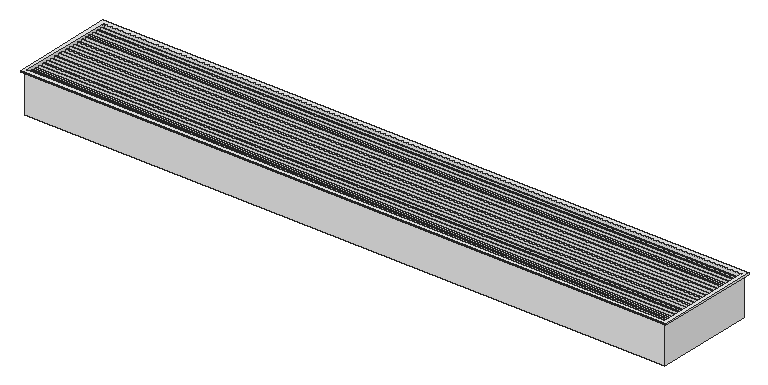
Revit family "DC_Holyoake_MEQ_LD-1200SD-PMF_13", category Air Terminals, host Face, Revit 2014
Parameters (values of type "LD-1200SD-PMF")
  Width LD [instance] = 150.0 mm
  URL = "http://www.holyoake.com"
  Type Comments = "Fineline Diffuser Series LD linear bar grilles"  # constant formula
  Static Pressure Min = 3.00 Pa
  Static Pressure Max = 57.00 Pa
  Noise Level NC Min = "<10 NC"
  Noise Level NC Max = "38 NC"
  Model = "LD-1200SD-PMF"  # constant formula
  Min Flow = 30 L/s  # constant formula
  Max Flow = 3000 L/s  # constant formula
  Material Face = Holyoake-Aluminium
  Material Body = Holyoake-Aluminium
  Manufacturer = "Holyoake"  # constant formula
  Length LD [instance] = 1000.0 mm
  Holyoake Product Range = "Holyoake Fineline Diffusers"  # constant formula
  Flow = 0 L/s
  Description = "Flangeless Linear Bar Diffuser with Vertical Rear Deflector Blades shall be Holyoake Model LD-1200SD-PMF with Horizontal Front Linear Bars of 3.25mm at 12.5mm centres set at 0 Degree deflection. \r\nRear vertical deflection blades shall be individually adjustable airfoil type. Flangeless Linear Bar Diffusers shall be of extruded aluminium construction to the sizes as documented and supplied with the Integral Plaster Mounting Frame (PMF) System. Linear Supply Air Diffusers shall be finished in powdercoat and fitted with accessories and dampers where indicated as manufactured by Holyoake."  # constant formula
  Default Elevation = 0.0 mm
  Array Number [instance] = ((Width LD - 25.4 mm) / 6.4 mm) - 0.9  # 19
Reference planes
  plane 1 "Center (Front/Back)": y = 0
  plane 2: z = 0
  plane 3 "Center (Left/Right)": x = 0
  plane 4: x = -500
  plane 5: x = 500
  plane 6: y = 75
  plane 7: y = -75
Forms (mm)
  Sweep 1, solid, material "Holyoake-Aluminium" <- "Material Body", detail levels fine
    path origin (0, 0, 0) x (1, 0, 0) y (0, 1, 0)
      loop
        line (-500, 75) -> (-500, -75) -> (500, -75) -> (500, 75) -> (-500, 75)
    profile origin (0, 75, 0) x (0, 1, 0) y (0, 0, 1)
      loop
        line (2, 0) -> (6, 0) -> (6, 2) -> (0, 2) -> (0, -60) -> (2, -60) -> (2, 0)
  Extrusion 2, void
    sketch origin (0, 0, 0) x (1, 0, 0) y (0, 1, 0)
      loop
        line (-500, 75) -> (-500, -75) -> (500, -75) -> (500, 75) -> (-500, 75)
    from 0 to -1000
Cuts and joins
  Extrusion 2 cuts Sweep 1
Lines and regions (mm)
  reference lines
    curve 1: line (-590.798, 68.65, 0) -> (-485.798, 68.65, 0)
    curve 2: line (-590.798, -68.65, 0) -> (-490.798, -68.65, 0)
  symbolic lines, style "Holyoake - Linear Diffusers", detail levels coarse+medium
    curve 3: line (-506, 81, 0) -> (506, 81, 0)
    curve 4: line (-506, -81, 0) -> (-506, 81, 0)
    curve 5: line (506, -81, 0) -> (-506, -81, 0)
    curve 6: line (506, 81, 0) -> (506, -81, 0)
    curve 7: line (-500, -75, 0) -> (500, -75, 0)
    curve 8: line (-500, 75, 0) -> (-500, -75, 0)
    curve 9: line (500, 75, 0) -> (-500, 75, 0)
    curve 10: line (500, -75, 0) -> (500, 75, 0)
    curve 11: line (-502, 0, -50) -> (502, 0, -50)
    curve 12: line (-502, 0, 2) -> (-502, 0, -50)
    curve 13: line (502, 0, 2) -> (-502, 0, 2)
    curve 14: line (502, 0, -50) -> (502, 0, 2)
    curve 15: line (0, 77, -60) -> (0, -77, -60)
    curve 16: line (0, 77, 2) -> (0, 77, -60)
    curve 17: line (0, -77, 2) -> (0, 77, 2)
    curve 18: line (0, -77, -60) -> (0, -77, 2)
Dimensions and locks
  equal spacing: plane 6, plane 1 "Center (Front/Back)", plane 7
  "Width LD": plane 6 to plane 7
  "Length LD": plane 4 to plane 5
  equal spacing: plane 4, plane 3 "Center (Left/Right)", plane 5
  locked: plane 6 to curve 1 at 6.35
  locked: curve 2 to plane 7 at 6.35
  equal spacing: group 1, group 3, group 4, group 5, group 6, group 7, group 8, group 9, group 10, group 11, group 12, group 13, group 14, group 15, group 16, group 17, group 18, group 19, group 2  (x2)
  equal spacing: group 2, group 19, group 18, group 17, group 16, group 15, group 14, group 13, group 12, group 11, group 10, group 9, group 8, group 7, group 6, group 5, group 4, group 3, group 1
  aligned and locked: plane 2 to host face
  aligned and locked: level to host face
  aligned and locked: plane 4 to Sweep 1 sketch curve
  aligned and locked: Sweep 1 sketch curve to plane 6
  aligned and locked: plane 7 to Sweep 1 sketch curve
  aligned and locked: Sweep 1 sketch curve to plane 5
  aligned and locked: plane 4 to nested 1
  aligned and locked: plane 4 to Sweep 1
  aligned and locked: nested 1 to curve 1
  aligned and locked: Sweep 1 to level
  aligned and locked: curve 2 to nested 2
  aligned and locked: plane 4 to nested 2
  aligned and locked: Extrusion 2 sketch curve to Sweep 1  (x3)
  aligned and locked: Sweep 1 to Extrusion 2 sketch curve
  aligned and locked: cut or joined group of Sweep 1, Extrusion 2 to curve 3
  aligned and locked: curve 3 to cut or joined group of Sweep 1, Extrusion 2
  aligned and locked: curve 6 to cut or joined group of Sweep 1, Extrusion 2  (x2)
  aligned and locked: cut or joined group of Sweep 1, Extrusion 2 to curve 7
  aligned and locked: curve 7 to cut or joined group of Sweep 1, Extrusion 2
  aligned and locked: curve 10 to cut or joined group of Sweep 1, Extrusion 2  (x2)
  aligned and locked: cut or joined group of Sweep 1, Extrusion 2 to curve 11
  aligned and locked: cut or joined group of Sweep 1, Extrusion 2 to curve 14
  aligned and locked: cut or joined group of Sweep 1, Extrusion 2 to curve 13
  aligned and locked: cut or joined group of Sweep 1, Extrusion 2 to curve 15
  aligned and locked: curve 15 to cut or joined group of Sweep 1, Extrusion 2
  aligned and locked: curve 18 to cut or joined group of Sweep 1, Extrusion 2
  aligned and locked: curve 17 to cut or joined group of Sweep 1, Extrusion 2
Automatic sketch dimensions
  Sweep 1 sketch curve to level = 0.0 mm
  Sweep 1 sketch curve to profile plane = 0.0 mm
  Sweep 1 sketch curve to Sweep 1 sketch curve = 2.0 mm
  Sweep 1 sketch curve to Sweep 1 sketch curve = 4.0 mm
  Sweep 1 sketch curve to Sweep 1 sketch curve = 60.0 mm
  level to Sweep 1 sketch curve = 2.0 mm
  host sketch curve to host sketch curve = 1493.181 mm
  host sketch curve to host sketch curve = 944.012 mm
  curve 2 to plane 4 = 90.798 mm
  curve 1 to curve 2 = 0.0 mm
  plane 4 to curve 2 = 9.202 mm
  plane 4 to curve 1 = 14.202 mm
  curve 11 to level = 50.0 mm
Nested families
  nested 1: "LD Blade" at (-500, 67.15, 0), Blade Length <- "Length LD", type "LD Blade", detail levels fine
    with Blade Length 1000.0 mm
  nested 2: "LD Blade" at (-500, -68.65, 0), Blade Length <- "Length LD", type "LD Blade", detail levels fine
    with Blade Length 1000.0 mm
  nested 3: "LD Blade" at (-500, 59.606, 0), Blade Length <- "Length LD", type "LD Blade", detail levels fine
    with Blade Length 1000.0 mm
  nested 4: "LD Blade" at (-500, 52.061, 0), Blade Length <- "Length LD", type "LD Blade", detail levels fine
    with Blade Length 1000.0 mm
  nested 5: "LD Blade" at (-500, 44.517, 0), Blade Length <- "Length LD", type "LD Blade", detail levels fine
    with Blade Length 1000.0 mm
  nested 6: "LD Blade" at (-500, 36.972, 0), Blade Length <- "Length LD", type "LD Blade", detail levels fine
    with Blade Length 1000.0 mm
  nested 7: "LD Blade" at (-500, 29.428, 0), Blade Length <- "Length LD", type "LD Blade", detail levels fine
    with Blade Length 1000.0 mm
  nested 8: "LD Blade" at (-500, 21.883, 0), Blade Length <- "Length LD", type "LD Blade", detail levels fine
    with Blade Length 1000.0 mm
  nested 9: "LD Blade" at (-500, 14.339, 0), Blade Length <- "Length LD", type "LD Blade", detail levels fine
    with Blade Length 1000.0 mm
  nested 10: "LD Blade" at (-500, 6.794, 0), Blade Length <- "Length LD", type "LD Blade", detail levels fine
    with Blade Length 1000.0 mm
  nested 11: "LD Blade" at (-500, -0.75, 0), Blade Length <- "Length LD", type "LD Blade", detail levels fine
    with Blade Length 1000.0 mm
  nested 12: "LD Blade" at (-500, -8.294, 0), Blade Length <- "Length LD", type "LD Blade", detail levels fine
    with Blade Length 1000.0 mm
  nested 13: "LD Blade" at (-500, -15.839, 0), Blade Length <- "Length LD", type "LD Blade", detail levels fine
    with Blade Length 1000.0 mm
  nested 14: "LD Blade" at (-500, -23.383, 0), Blade Length <- "Length LD", type "LD Blade", detail levels fine
    with Blade Length 1000.0 mm
  nested 15: "LD Blade" at (-500, -30.928, 0), Blade Length <- "Length LD", type "LD Blade", detail levels fine
    with Blade Length 1000.0 mm
  nested 16: "LD Blade" at (-500, -38.472, 0), Blade Length <- "Length LD", type "LD Blade", detail levels fine
    with Blade Length 1000.0 mm
  nested 17: "LD Blade" at (-500, -46.017, 0), Blade Length <- "Length LD", type "LD Blade", detail levels fine
    with Blade Length 1000.0 mm
  nested 18: "LD Blade" at (-500, -53.561, 0), Blade Length <- "Length LD", type "LD Blade", detail levels fine
    with Blade Length 1000.0 mm
  nested 19: "LD Blade" at (-500, -61.106, 0), Blade Length <- "Length LD", type "LD Blade", detail levels fine
    with Blade Length 1000.0 mm
Definition of nested family "LD Blade"
  Parameters (values of type "LD Blade")
    Blade Material = Holyoake-Aluminium
    Blade Length [instance] = 600.0 mm
    Assembly Code = ""
  Reference planes
    plane 1 "Center (Front/Back)": y = 0
    plane 2: z = 0
    plane 3 "Center (Left/Right)": x = 0
    plane 4: x = 600
  Forms (mm)
    Extrusion 1, solid, material "Holyoake-Aluminium" <- "Blade Material"
      sketch origin (0, -1.042, 0) x (1, 0, 0) y (0, 1, 0)
        loop
          line (0, 1.042) -> (600, 1.042) -> (600, 2.542) -> (0, 2.542) -> (0, 1.042)
      from 0 to -20
  Dimensions and locks
    Extrusion 1 sketch curve to Extrusion 1 sketch curve = 1.5 mm
    "Blade Length": plane 3 "Center (Left/Right)" to plane 4
    locked: plane 1 "Center (Front/Back)" to Extrusion 1 at 1.5
    aligned and locked: plane 1 "Center (Front/Back)" to Extrusion 1
    aligned and locked: Extrusion 1 to plane 3 "Center (Left/Right)"
    aligned and locked: plane 4 to Extrusion 1
  Automatic sketch dimensions
    Extrusion 1 sketch curve to plane 1 "Center (Front/Back)" = 1.5 mm
    Extrusion 1 sketch curve to plane 3 "Center (Left/Right)" = 0.0 mm
    plane 4 to Extrusion 1 sketch curve = 0.0 mm
